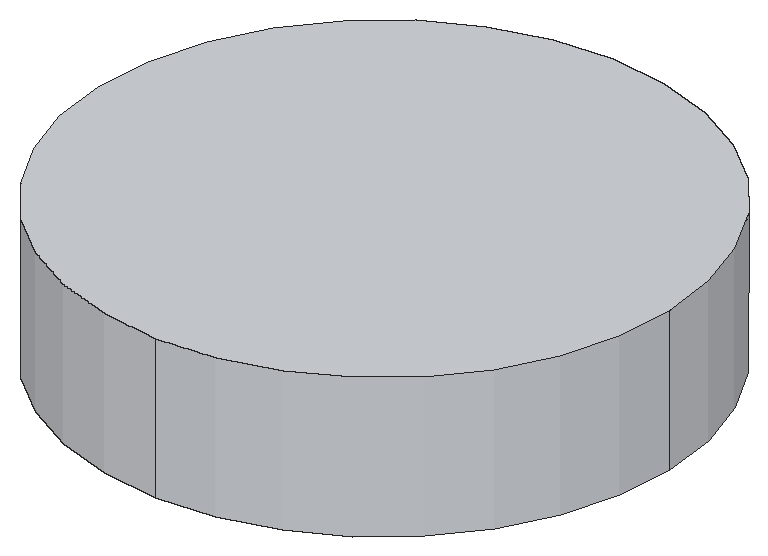
Revit family "308a638f4bf04476b4abbb623c24047d", category Mechanical Equipment, host Face, Revit 2021
Family settings
  Host = Face
  Round Connector Dimension = Use Radius
  Part Type = Normal
  OmniClass Number = 23.65.00.00
  OmniClass Title = Supply and Distribution of Liquids and Gases
  Seek Item ID = Pipe Connector - Hydronic Supply - Mechanical Equipment-0000-USA-ENU
  Cut with Voids When Loaded = No
  Shared = No
  Room Calculation Point = No
Parameters (values of type "Standard")
  Thickness [instance] = 0' - 1"
  Nominal Radius [instance] = 2"
  Flow [instance] = 10 GPM
  Nominal Diameter [instance] = Nominal Radius * 2  # 4"
  Default Elevation = 0' - 0"
  Assembly Code = ""
Reference planes (in)
  plane 1 "Center (Front/Back)": y = 0
  plane 2: z = 0
  plane 3 "Center (Left/Right)": x = 0
Forms (in)
  Sweep 1, solid
    path in 3D
      loop
        line (0, 0, 0) -> (0, 0, 1)
    profile "Duct - Round : Duct - Round" origin (0, 0, 0.5) x (0, -1, 0) y (1, 0, 0)
      loop
        arc (-2, 0) -> (-1.41421, -1.41421) -> (0, -2) r 2
        arc (0, -2) -> (1.41421, -1.41421) -> (2, 0) r 2
        arc (2, 0) -> (1.41421, 1.41421) -> (0, 2) r 2
        arc (0, 2) -> (-1.41421, 1.41421) -> (-2, 0) r 2
Lines and regions (in)
  reference lines
    curve 1: line (0, 0, 0) -> (0, 0, 1)
  sketch lines
    curve 2: line (0, 0, 0) -> (0, 0, 1)
Dimensions and locks (in)
  "Thickness": curve 1 to curve 1
  aligned and locked: plane 2 to host face
  aligned and locked: level to host face
  aligned and locked: host face to curve 1
  aligned and locked: curve 1 to plane 1 "Center (Front/Back)"
Automatic sketch dimensions
  host sketch curve to host sketch curve = 8' - 0"  (x2)
Connectors (in)
  piping at (0, 0, 1), diameter 4, driven by "Flow", driven by "Nominal Radius"
    settings: on Sweep 1, index 1, connector inside diameter 4", connector length 0' - 0", flow factor 0, pipe flow 10 GPM, pressure drop 0.00 psi, fitting loss kfactor 0, connector angle 0.00°, fixture units 0, engagement length 0' - 0", angle of deflection 0.00°, flow configuration 1, flow direction 1, fitting loss method 0, system type 7, joint type 0, gender type 0, connector reference index -1, connector utility 0, adjustable connector no, is connector primary yes, connector description ""
